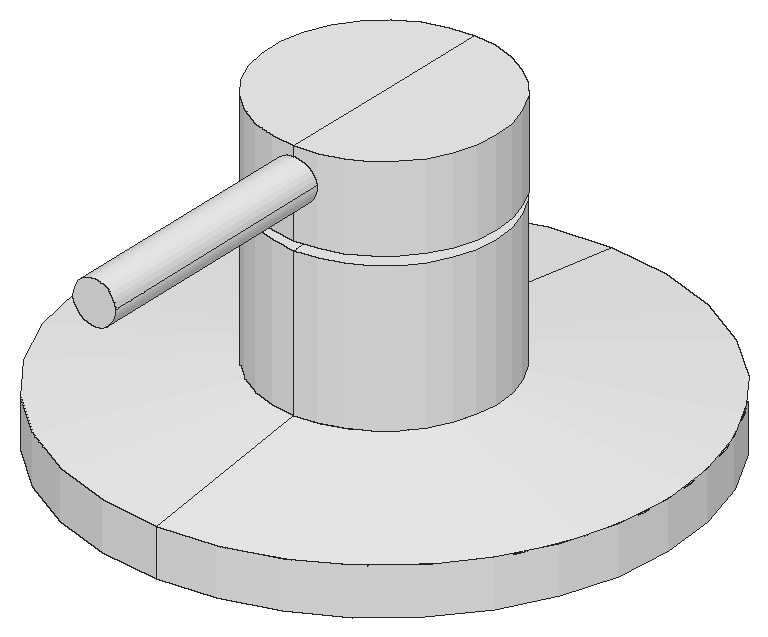
Revit family "Bath&ShowerMixer-(Built-inExposedpart)-Vitra-OriginSeries-A42621", category Plumbing Fixtures, host Face, Revit 2017
Family settings
  Host = Face
  Round Connector Dimension = Use Diameter
  Part Type = Normal
  OmniClass Number = 23.45.55.17
  OmniClass Title = Mixing Faucets
  Cut with Voids When Loaded = No
  Shared = Yes
  Room Calculation Point = No
Parameters (values of type "Bath&ShowerMixer(Built-in)-Vitra-OriginSeries(Chrome)-A42621")
  Youtube = "https://www.youtube.com/user/VitrAglobal"
  Weight Net (kg) = "0.4"
  Waste Connection = no
  Warranty Period (Year) = "10 Years"
  Vent Connection = no
  Uniformat II Description = "Plumbing Fixture"
  Uniformat II Code = "22 40 00"
  Uniclass 2015 Name = "Bath taps"
  Uniclass 2015 Code = "Pr_40_20_87_09"
  Uniclass 2.0 Description = "Bath taps"
  Uniclass 2.0 Code = "Pr_40_20_87_09"
  Uniclass 1.4 Description = "Mixer taps"
  Uniclass 1.4 Code = "L725111"
  URL = "https://vitraglobal.com/"
  UNSPSC Description = ""
  UNSPSC Code = ""
  Test Pressure = "16 bar"
  Technical description = "https://www.vitra.com.tr/pdf/A42621/"
  Tap hole Options (default) = ""
  Specification = ""
  Region South America = "All"
  Region Oceania = "All"
  Region North America = "All"
  Region Middle East = "All"
  Region Europe = "All"
  Region Asia = "All"
  Region Antarctica = "All"
  Region Africa = "All"
  Range of flow pressure = "1 - 5 bar"
  Range of Hot Water Supply = "5 - 65 °C"
  Product url = ""
  Product manual = ""
  Product group = "Bath&Shower Mixer (exposed part)"
  Product family = "Origin"
  Product data url = "https://www.vitra.com.tr/armaturler/yikanma-alani-bataryalari/ankastre-bataryalar/ankastre-dus-bataryasi-siva-ustu-grubu-minibox-sku-A42621/"
  Product certification = "https://www.vitraglobal.com/brochures/"
  Product Type = "Built-in bath/shower mixer (exposed part)"
  Product SKU = "A42621"
  Product Properties = "Green Building Certification\nEuropean Water Label"
  Product Guid = ""
  Primary Material = none
  OmniClass Description = "Mixing Faucets"
  OmniClass Code = "23.45.55.17"
  Number Of Connections = "2"
  Nominal Width (mm) = 120 mm
  Nominal Height (mm) = 140 mm
  Nominal Depth (mm) = 66 mm
  NBS Referans Description = "Water supply fittings for baths"
  NBS Referans Code = "45-35-70/315"
  Mounting type = "Wall Mounted"
  Model = "A42621"
  Min. flow pressure of = "0.5 bar"
  Masterformat 2014 Description = "Plumbing Fixtures"
  Masterformat 2014 Code = "22 40 00"
  Manufacturer name = "Vitra"
  Manufacturer = "Vitra"
  Main Material = "Brass"
  Installation instructions = ""
  IFC Classification = "Sanitary Terminal"
  Hot Water temperature, factory set to = "38 °C"
  Hot Water Supply (max.) = "80 °C"
  Help = ""
  HW Connection = yes
  GTIP code = ""
  Flow Rate(L/min. - 3 bar) = ""
  Features = ""
  EAN code = ""
  Design country = "Turkey"
  Description = "Origin Built-In Shower Mixer"
  Default Elevation = 850 mm
  Connection Diameter (mm) = 10 mm
  Color = "Chrome"
  Coating Material = Chrome
  Calculated flow = ""
  CW Connection = yes
  COBIe Type Category = ""
  Brand = "VitrA"
  BIMobject category = "Bath/Shower Mixer"
  Article No. (default) = "A42621"
  Approvals = ""
  ApplicationType = ""
  Accessories (default) = ""
Types (4, lengths in mm): name | Technical description | Product data url | Product SKU | Model | Color | Coating Material | Article No. (default)
  Bath&ShowerMixer(Built-in)-Vitra-OriginSeries(MatteBlack)-A4262136 | "https://www.vitra.com.tr/pdf/A4262136/" | "https://www.vitra.com.tr/armaturler/yikanma-alani-bataryalari/ankastre-bataryalar/ankastre-dus-bataryasi-siva-ustu-grubu-minibox-sku-A4262136/" | "A4262136" | "A4262136" | "Matte Black" | Matte Black | "A4262136"
  Bath&ShowerMixer(Built-in)-Vitra-OriginSeries(Nickel)-A4262134 | "https://www.vitra.com.tr/pdf/A4262134/" | "https://www.vitra.com.tr/armaturler/yikanma-alani-bataryalari/ankastre-bataryalar/ankastre-dus-bataryasi-siva-ustu-grubu-minibox-sku-A4262134/" | "A4262134" | "A4262134" | "Nickel" | Nickel | "A4262134"
  Bath&ShowerMixer(Built-in)-Vitra-OriginSeries(BrightCopper)-A4262126 | "https://www.vitra.com.tr/pdf/A4262126/" | "https://www.vitra.com.tr/armaturler/yikanma-alani-bataryalari/ankastre-bataryalar/ankastre-dus-bataryasi-siva-ustu-grubu-minibox-sku-A4262126/" | "A4262126" | "A4262126" | "Bright Copper" | BrightCopper | "A4262126"
  Bath&ShowerMixer(Built-in)-Vitra-OriginSeries(Chrome)-A42621 | "https://www.vitra.com.tr/pdf/A42621/" | "https://www.vitra.com.tr/armaturler/yikanma-alani-bataryalari/ankastre-bataryalar/ankastre-dus-bataryasi-siva-ustu-grubu-minibox-sku-A42621/" | "A42621" | "A42621" | "Chrome" | Chrome | "A42621"
Reference planes
  plane 1 "Center (Front/Back)": y = 0
  plane 2: z = 0
  plane 3 "Center (Left/Right)": x = 0
  plane 4: y = 57.989
  plane 5: y = -82.011
  plane 6: x = 60.175
  plane 7: x = -59.825
  plane 8: z = 66
Forms (mm)
  Revolve 1, solid, material "Chrome" <- "Coating Material", detail levels medium+fine
    sketch origin (0, 0, 0) x (0, 1, 0) y (0, 0, 1)
      loop
        line (21.456, 46.45) -> (13.477, 46.45) -> (13.477, 48.35) -> (21.503, 48.35) -> (21.503, 66.35) -> (-2.497, 66.35) -> (-2.497, -0.05) -> (57.989, -0.05) -> (57.989, 9.981) -> (21.456, 15.087) -> (21.456, 46.45)
      axis (-2.497, 66.35) -> (-2.497, -0.05)
    angle from 0 to 360
  Extrusion 2, solid, material "Chrome" <- "Coating Material", detail levels medium+fine
    sketch origin (0, -79.497, 64.01) x (1, 0, 0) y (0, 0, 1)
      loop
        circle (0, -4.16) r 4.5
    from 0 to -77.461
  Extrusion 3, solid, detail levels coarse
    sketch origin (0, 0, 0) x (1, 0, 0) y (0, 1, 0)
      loop
        circle (0, -2.497) r 60.486
    from 0 to 66.35
Cuts and joins
  joined: Revolve 1, Extrusion 2
Dimensions and locks
  "Nominal Width (mm)": plane 7 to plane 6
  "Nominal Height (mm)": plane 4 to plane 5
  "Nominal Depth (mm)": plane 8 to host face
  aligned and locked: plane 2 to host face
  aligned and locked: level to host face
Automatic sketch dimensions
  host sketch curve to host sketch curve = 2438.4 mm  (x2)
  Revolve 1 sketch curve to plane 4 = 0 mm
  Revolve 1 sketch curve to plane 1 "Center (Front/Back)" = 21.503 mm
  Revolve 1 sketch curve to Revolve 1 sketch curve = 0.047 mm
  Revolve 1 sketch curve to Revolve 1 sketch curve = 7.979 mm
  Revolve 1 sketch curve to level = 0.05 mm
  plane 1 "Center (Front/Back)" to Revolve 1 sketch curve = 2.497 mm  (x2)
  level to Revolve 1 sketch curve = 9.981 mm
  level to Revolve 1 sketch curve = 15.087 mm
  Revolve 1 sketch curve to plane 8 = 19.55 mm
  Revolve 1 sketch curve to Revolve 1 sketch curve = 1.9 mm
  plane 8 to Revolve 1 sketch curve = 0.35 mm
  Revolve 1 sketch curve to Revolve 1 sketch curve = 15.1 mm
  Revolve 1 sketch curve to plane 8 = 9.65 mm
  Extrusion 2 sketch curve to Extrusion 2 sketch curve = 0 mm  (x3)
  Extrusion 2 sketch curve to Extrusion 2 sketch curve = 4.491 mm  (x2)
  Extrusion 2 sketch curve to plane 3 "Center (Left/Right)" = 0 mm
  Extrusion 2 sketch curve to plane 8 = 6.15 mm
  Extrusion 2 sketch curve to Extrusion 2 sketch curve = 0.283 mm
  Extrusion 3 sketch curve to Extrusion 3 sketch curve = 0 mm  (x2)
  Extrusion 3 sketch curve to plane 3 "Center (Left/Right)" = 0 mm
  Extrusion 3 sketch curve to plane 4 = 0 mm
  plane 1 "Center (Front/Back)" to Extrusion 3 sketch curve = 2.497 mm
